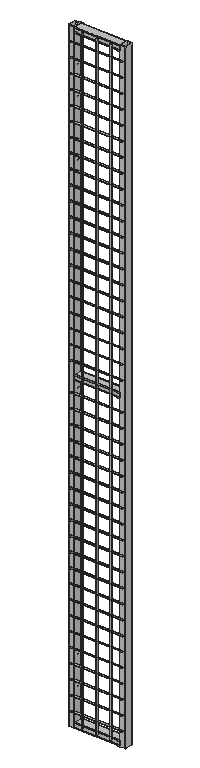
Revit family "conv_troax_wall_separator_ux550", category Möbel, Revit 2017
Family settings
  OmniClass-Nummer = 23.25.40.00
  OmniClass-Titel = Space Division Products
  Arbeitsebenenbasiert = Nein
  Immer vertikal = Ja
  Beim Laden mit Abzugskörper schneiden = Nein
  Gemeinsam genutzt = Nein
  Raumberechnungspunkt = Nein
Parameters (values of type "Mesh panel UX550 200mm")
  WarrantyStartDate [instance] = "n/a"
  WarrantyGuarantorParts = "n/a"
  WarrantyGuarantorLabor = "n/a"
  WarrantyDurationUnit = "Year"
  WarrantyDurationParts = "n/a"
  WarrantyDurationLabor = "n/a"
  WarrantyDescription = "n/a"
  WallType = ux550 200 : ux550 200
  WallPanelMainMaterial = Steel, Carbon
  VersionDate = "12/11/2018"  # constant formula
  Version = "1"  # constant formula
  Uniclass2015Reference = "Pr_25_71_57_60"
  Uniclass2015Description = "Partition panels"
  Uniclass2 = "Pr_25_71_57_60"
  URL = "https://www.troax.com/en/elemente/panel-ux550"
  Type Comments = ""
  TagNumber [instance] = "n/a"
  SustainabilityPerformance = "n/a"
  Size = "34x2200x200 mm"
  Shape = "Sculptured"
  SerialNumber [instance] = "n/a"
  Revision = "n/a"
  ReplacementCost = "n/a"
  ProductInformation = "UX 550 is the most heavy-duty of our panel systems. Special profiles are used for installation to prevent even the slightest chance of prying the wall sections  apart. The system is tested and approved in-line with  pre-standard EN1627-30. Troax UX 550 is primarily  used as a front wall where extra security is needed. UX  550 is compatible with UR 350 and UX 450 for inner  walls. Troax modular mesh panel system makes it  possible to create separate storage areas in virtually  any common space. The 50x50 mesh aperture also  makes it virtually impossible for a hand to reach through the panel."
  ProductDatasheet = "https://www.troax.com/sites/all/files/files/troax_-_ux_550_pp_-_2013-07-03_0.pdf"
  NominalWidth = 200 mm
  NominalHeight = 2200 mm
  NominalDepth = 34 mm
  Name = "Wall_Separator_UX550_200"
  NBSReference = "45-35-80/420"
  NBSDescription = "Panel partitions"
  ModelReference = "n/a"
  ModelNumber = "n/a"
  Material = "Carbon steel"
  ManufacturerURL = "https://www.troax.com/gb"
  ManufacturerName = "Troax"
  Modell = "Mesh panel UR550 200mm"
  Hersteller = "Troax"
  MainColor = "Grey"
  InstallationDate [instance] = "n/a"
  IfcExportType = "FENCE"  # constant formula
  IfcExportAs = "IfcSystemFurnitureElementTypePanel"  # constant formula
  HasOpening = yes
  Grade = "n/a"
  FurniturePanelType = "Other"  # constant formula
  Finish = "Powder coated as standard with a grey RAL 7037 finish; however other RAL colors are available upon request, panels can also be supplied hot dip galvanized for external use or in cold storage areas."
  Features = "Mesh panels can be modified on-site to fit any space, providing security where required."
  ExpectedLife = "n/a"
  DurationUnit = "Year"
  Beschreibung = "UX 550 is the most heavy-duty of our panel systems. Special profiles are used for installation to prevent even the slightest chance of prying the wall sections  apart. The system is tested and approved in-line with  pre-standard EN1627-30. Troax UX 550 is primarily  used as a front wall where extra security is needed. UX  550 is compatible with UR 350 and UX 450 for inner  walls. Troax modular mesh panel system makes it  possible to create separate storage areas in virtually  any common space. The 50x50 mesh aperture also  makes it virtually impossible for a hand to reach through the panel"
  Kosten = 0
  ConvergoRefNr = "0054-1811-0024-SE"
  Constituents = "Cut profile: various length to use after cut height on site; End profile UR/UX L=2200 to use after cut panel length on site; U-profile UX 30x20x2200 various length to use after cut on site"
  Color = "Grey"
  CodePerformance = "n/a"
  Barcode [instance] = "n/a"
  AssetIdentifier [instance] = "n/a"
  Category = "Mesh partitions"
  Brand = "Troax"
  Author = "Convergo AB"  # constant formula
  AssetType = "Fixed"
  AccessibilityPerformance = "n/a"
Types (9, lengths in mm): name | WallType | URL | Size | ProductInformation | ProductDatasheet | NominalWidth | Name | Modell | ConvergoRefNr
  (no name) | ux550 200 : ux550 200 | "https://www.troax.com/en/elemente/panel-ux550" | "34x2200x200 mm" | "UX 550 is the most heavy-duty of our panel systems. Special profiles are used for installation to prevent even the slightest chance of prying the wall sections  apart. The system is tested and approved in-line with  pre-standard EN1627-30. Troax UX 550 is primarily  used as a front wall where extra security is needed. UX  550 is compatible with UR 350 and UX 450 for inner  walls. Troax modular mesh panel system makes it  possible to create separate storage areas in virtually  any common space. The 50x50 mesh aperture also  makes it virtually impossible for a hand to reach through the panel." | "https://www.troax.com/sites/all/files/files/troax_-_ux_550_pp_-_2013-07-03_0.pdf" | 200 | "Wall_Separator_UX550_200" | "Mesh panel UR550 200mm" | "0054-1811-0024-SE"
  Mesh panel UX550 200mm | ux550 200 : ux550 200 | "https://www.troax.com/en/elemente/panel-ux550" | "34x2200x200 mm" | "UX 550 is the most heavy-duty of our panel systems. Special profiles are used for installation to prevent even the slightest chance of prying the wall sections  apart. The system is tested and approved in-line with  pre-standard EN1627-30. Troax UX 550 is primarily  used as a front wall where extra security is needed. UX  550 is compatible with UR 350 and UX 450 for inner  walls. Troax modular mesh panel system makes it  possible to create separate storage areas in virtually  any common space. The 50x50 mesh aperture also  makes it virtually impossible for a hand to reach through the panel." | "https://www.troax.com/sites/all/files/files/troax_-_ux_550_pp_-_2013-07-03_0.pdf" | 200 | "Wall_Separator_UX550_200" | "Mesh panel UR550 200mm" | "0054-1811-0024-SE"
  Mesh panel UX550 300mm | ux550 300 : ux550 300 | "https://www.troax.com/en/elemente/panel-ux550" | "34x2200x300 mm" | "UX 550 is the most heavy-duty of our panel systems. Special profiles are used for installation to prevent even the slightest chance of prying the wall sections apart. The system is tested and approved in-line with pre-standard EN1627-30. Troax UX 550 is primarily used as a front wall where extra security is needed. UX 550 is compatible with UR 350 and UX 450 for inner walls. Troax modular mesh panel system makes it possible to create separate storage areas in virtually any common space. The 50x50 mesh aperture also makes it virtually impossible for a hand to reach through the panel." | "https://www.troax.com/sites/all/files/files/troax_-_ux_550_pp_-_2013-07-03_0.pdfhttps://www.troax.com/sites/all/files/files/troax_-_ux_550_pp_-_2013-07-03_0.pdf" | 300 | "Wall_Separator_UX550_300" | "Mesh panel UX550 300mm" | "0054-1811-0025-SE"
  Mesh panel UX550 700mm | ux550 700 : ux550 700 | "https://www.troax.com/en/elemente/panel-ux550" | "34x2200x700 mm" | "UX 550 is the most heavy-duty of our panel systems. Special profiles are used for installation to prevent even the slightest chance of prying the wall sections apart. The system is tested and approved in-line with pre-standard EN1627-30. Troax UX 550 is primarily used as a front wall where extra security is needed. UX 550 is compatible with UR 350 and UX 450 for inner walls. Troax modular mesh panel system makes it possible to create separate storage areas in virtually any common space. The 50x50 mesh aperture also makes it virtually impossible for a hand to reach through the panel." | "https://www.troax.com/sites/all/files/files/troax_-_ux_550_pp_-_2013-07-03_0.pdf" | 700 | "Wall_Separator_UX550_700" | "Mesh panel UX550 700mm" | "0054-1811-0027-SE"
  Mesh panel UX550 500mm | ux550 500 : ux550 500 | "https://www.troax.com/en/elemente/panel-ux550" | "35x2200x500 mm" | "UX 550 is the most heavy-duty of our panel systems. Special profiles are used for installation to prevent even the slightest chance of prying the wall sections apart. The system is tested and approved in-line with pre-standard EN1627-30. Troax UX 550 is primarily used as a front wall where extra security is needed. UX 550 is compatible with UR 350 and UX 450 for inner walls. Troax modular mesh panel system makes it possible to create separate storage areas in virtually any common space. The 50x50 mesh aperture also makes it virtually impossible for a hand to reach through the panel." | "https://www.troax.com/sites/all/files/files/troax_-_ux_550_pp_-_2013-07-03_0.pdf" | 500 | "Wall_Separator_UX550_500" | "Mesh panel UX550 500mm" | "0054-1811-0026-SE"
  Mesh panel UX550 1000mm | ux550 1000 : ux550 1000 | "https://www.troax.com/en/elemente/panel-ux550" | "34x2200x1000 mm" | "UX 550 is the most heavy-duty of our panel systems. Special profiles are used for installation to prevent even the slightest chance of prying the wall sections apart. The system is tested and approved in-line with pre-standard EN1627-30. Troax UX 550 is primarily used as a front wall where extra security is needed. UX 550 is compatible with UR 350 and UX 450 for inner walls. Troax modular mesh panel system makes it possible to create separate storage areas in virtually any common space. The 50x50 mesh aperture also makes it virtually impossible for a hand to reach through the panel." | "https://www.troax.com/sites/all/files/files/troax_-_ux_550_pp_-_2013-07-03_0.pdf" | 1000 | "Wall_Separator_UX550_1000" | "Mesh panel UX550 1000mm" | "0054-1811-0029-SE"
  Mesh panel UX550 1200mm | ux550 1200 : ux550 1200 | "https://www.troax.com/en/elemente/panel-ux550" | "34x2200x1200 mm" | "UX 550 is the most heavy-duty of our panel systems. Special profiles are used for installation to prevent even the slightest chance of prying the wall sections apart. The system is tested and approved in-line with pre-standard EN1627-30. Troax UX 550 is primarily used as a front wall where extra security is needed. UX 550 is compatible with UR 350 and UX 450 for inner walls. Troax modular mesh panel system makes it possible to create separate storage areas in virtually any common space. The 50x50 mesh aperture also makes it virtually impossible for a hand to reach through the panel." | "https://www.troax.com/sites/all/files/files/troax_-_ux_550_pp_-_2013-07-03_0.pdf" | 1200 | "Wall_Separator_UX550_1200" | "Mesh panel UX550 1200mm" | "0054-1811-0030-SE"
  Mesh panel UX550 1500mm | ux550 1500 : ux550 1500 | "https://www.troax.com/en/elemente/panel-ux550https://www.troax.com/en/elemente/panel-ux550" | "34x2200x1500 mm" | "UX 550 is the most heavy-duty of our panel systems. Special profiles are used for installation to prevent even the slightest chance of prying the wall sections apart. The system is tested and approved in-line with pre-standard EN1627-30. Troax UX 550 is primarily used as a front wall where extra security is needed. UX 550 is compatible with UR 350 and UX 450 for inner walls. Troax modular mesh panel system makes it possible to create separate storage areas in virtually any common space. The 50x50 mesh aperture also makes it virtually impossible for a hand to reach through the panel." | "https://www.troax.com/sites/all/files/files/troax_-_ux_550_pp_-_2013-07-03_0.pdfhttps://www.troax.com/sites/all/files/files/troax_-_ux_550_pp_-_2013-07-03_0.pdf" | 1500 | "Wall_Separator_UX550_1500" | "Mesh panel UX550 1500mm" | "0054-1811-0031-SE"
  Mesh panel UX550 800mm | ux550 800 : ux550 800 | "https://www.troax.com/en/elemente/panel-ux550" | "34x2200x800 mm" | "UX 550 is the most heavy-duty of our panel systems. Special profiles are used for installation to prevent even the slightest chance of prying the wall sections apart. The system is tested and approved in-line with pre-standard EN1627-30. Troax UX 550 is primarily used as a front wall where extra security is needed. UX 550 is compatible with UR 350 and UX 450 for inner walls. Troax modular mesh panel system makes it possible to create separate storage areas in virtually any common space. The 50x50 mesh aperture also makes it virtually impossible for a hand to reach through the panel." | "https://www.troax.com/sites/all/files/files/troax_-_ux_550_pp_-_2013-07-03_0.pdfhttps://www.troax.com/sites/all/files/files/troax_-_ux_550_pp_-_2013-07-03_0.pdf" | 800 | "Wall_Separator_UX550_800" | "Caelum mesh panel UX550 800mm" | "0054-1811-0028-SE"
Reference planes
  plane 1 "Center (Front/Back)": y = 0
  plane 2: z = 0
  plane 3 "Center (Left/Right)": x = 0
  plane 4: x = -100
  plane 5: x = 100
  plane 6: z = 2200
  plane 7: y = 17
  plane 8: y = -17
Dimensions and locks
  equal spacing: plane 4, plane 3 "Center (Left/Right)", plane 5
  "NominalWidth": plane 4 to plane 5
  "NominalHeight": plane 6 to level
  equal spacing: plane 7, plane 1 "Center (Front/Back)", plane 8
  "NominalDepth": plane 7 to plane 8
  aligned and locked: level to plane 2
Nested families
  nested 1: "ux550 200" at (0, 0, 0), type <- "WallType", MeshMaterial <- "WallPanelMainMaterial", type "ux550 200"
    with MeshMaterial Steel, Carbon
Definition of nested family "ux550 200"
  Parameters (values of type "ux550 200")
    MeshMaterial [instance] = none
  Reference planes
    plane 1 "Center (Front/Back)": y = 0
    plane 2: z = 0
    plane 3 "Center (Left/Right)": x = 0
    plane 4: x = 100
    plane 5: x = -100
    plane 6: y = 17
    plane 7: y = -17
    plane 8: z = 2200
  Forms (mm)
    Extrusion 1, solid, material <- "MeshMaterial", detail levels medium+fine
      sketch origin (0, 6.95, 0) x (1, 0, 0) y (0, 1, 0)
        loop
          circle (-50, -21.45) r 2.5
        loop
          circle (0, -21.45) r 2.5
        loop
          circle (50, -21.45) r 2.5
      from 10 to 2190
    Extrusion 2, solid, material <- "MeshMaterial", detail levels medium+fine
      sketch origin (0, 7, 0) x (0, 1, 0) y (0, 0, 1)
        loop
          arc (-21, 2150) -> (-16.919, 2148.064) -> (-18, 2152.449) r 2.5
          arc (-18, 2152.449) -> (-20.081, 2151.936) -> (-21, 2150) r 2.5
        loop
          arc (-21, 2100) -> (-16.919, 2098.063) -> (-18, 2102.449) r 2.5
          arc (-18, 2102.449) -> (-20.081, 2101.936) -> (-21, 2100) r 2.5
        loop
          arc (-21, 2050) -> (-16.919, 2048.063) -> (-18, 2052.449) r 2.5
          arc (-18, 2052.449) -> (-20.081, 2051.936) -> (-21, 2050) r 2.5
        loop
          arc (-21, 2000) -> (-16.919, 1998.063) -> (-18, 2002.449) r 2.5
          arc (-18, 2002.449) -> (-20.081, 2001.936) -> (-21, 2000) r 2.5
        loop
          arc (-21, 1950) -> (-16.919, 1948.063) -> (-18, 1952.449) r 2.5
          arc (-18, 1952.449) -> (-20.081, 1951.936) -> (-21, 1950) r 2.5
        loop
          arc (-21, 1900) -> (-16.919, 1898.063) -> (-18, 1902.449) r 2.5
          arc (-18, 1902.449) -> (-20.081, 1901.936) -> (-21, 1900) r 2.5
        loop
          arc (-21, 1850) -> (-16.919, 1848.063) -> (-18, 1852.449) r 2.5
          arc (-18, 1852.449) -> (-20.081, 1851.936) -> (-21, 1850) r 2.5
        loop
          arc (-21, 1800) -> (-16.919, 1798.063) -> (-18, 1802.449) r 2.5
          arc (-18, 1802.449) -> (-20.081, 1801.936) -> (-21, 1800) r 2.5
        loop
          arc (-21, 1750) -> (-16.919, 1748.063) -> (-18, 1752.449) r 2.5
          arc (-18, 1752.449) -> (-20.081, 1751.936) -> (-21, 1750) r 2.5
        loop
          arc (-21, 1700) -> (-16.919, 1698.063) -> (-18, 1702.449) r 2.5
          arc (-18, 1702.449) -> (-20.081, 1701.936) -> (-21, 1700) r 2.5
        loop
          arc (-21, 1650) -> (-16.919, 1648.063) -> (-18, 1652.449) r 2.5
          arc (-18, 1652.449) -> (-20.081, 1651.936) -> (-21, 1650) r 2.5
        loop
          arc (-21, 1600) -> (-16.919, 1598.063) -> (-18, 1602.449) r 2.5
          arc (-18, 1602.449) -> (-20.081, 1601.936) -> (-21, 1600) r 2.5
        loop
          arc (-21, 1550) -> (-16.919, 1548.063) -> (-18, 1552.449) r 2.5
          arc (-18, 1552.449) -> (-20.081, 1551.936) -> (-21, 1550) r 2.5
        loop
          arc (-21, 1500) -> (-16.919, 1498.063) -> (-18, 1502.449) r 2.5
          arc (-18, 1502.449) -> (-20.081, 1501.936) -> (-21, 1500) r 2.5
        loop
          arc (-21, 1450) -> (-16.919, 1448.063) -> (-18, 1452.449) r 2.5
          arc (-18, 1452.449) -> (-20.081, 1451.936) -> (-21, 1450) r 2.5
        loop
          arc (-21, 1400) -> (-16.919, 1398.063) -> (-18, 1402.449) r 2.5
          arc (-18, 1402.449) -> (-20.081, 1401.936) -> (-21, 1400) r 2.5
        loop
          arc (-21, 1350) -> (-16.919, 1348.063) -> (-18, 1352.449) r 2.5
          arc (-18, 1352.449) -> (-20.081, 1351.936) -> (-21, 1350) r 2.5
        loop
          arc (-21, 1300) -> (-16.919, 1298.063) -> (-18, 1302.449) r 2.5
          arc (-18, 1302.449) -> (-20.081, 1301.936) -> (-21, 1300) r 2.5
        loop
          arc (-21, 1250) -> (-16.919, 1248.063) -> (-18, 1252.449) r 2.5
          arc (-18, 1252.449) -> (-20.081, 1251.936) -> (-21, 1250) r 2.5
        loop
          arc (-21, 1200) -> (-16.919, 1198.063) -> (-18, 1202.449) r 2.5
          arc (-18, 1202.449) -> (-20.081, 1201.936) -> (-21, 1200) r 2.5
        loop
          arc (-21, 1150) -> (-16.919, 1148.063) -> (-18, 1152.449) r 2.5
          arc (-18, 1152.449) -> (-20.081, 1151.936) -> (-21, 1150) r 2.5
        loop
          arc (-21, 1050) -> (-16.919, 1048.063) -> (-18, 1052.449) r 2.5
          arc (-18, 1052.449) -> (-20.081, 1051.936) -> (-21, 1050) r 2.5
        loop
          arc (-21, 1000) -> (-16.919, 998.063) -> (-18, 1002.449) r 2.5
          arc (-18, 1002.449) -> (-20.081, 1001.936) -> (-21, 1000) r 2.5
        loop
          arc (-21, 950) -> (-16.919, 948.063) -> (-18, 952.449) r 2.5
          arc (-18, 952.449) -> (-20.081, 951.936) -> (-21, 950) r 2.5
        loop
          arc (-21, 900) -> (-16.919, 898.063) -> (-18, 902.449) r 2.5
          arc (-18, 902.449) -> (-20.081, 901.936) -> (-21, 900) r 2.5
        loop
          arc (-21, 850) -> (-16.919, 848.063) -> (-18, 852.449) r 2.5
          arc (-18, 852.449) -> (-20.081, 851.936) -> (-21, 850) r 2.5
        loop
          arc (-21, 800) -> (-16.919, 798.063) -> (-18, 802.449) r 2.5
          arc (-18, 802.449) -> (-20.081, 801.936) -> (-21, 800) r 2.5
        loop
          arc (-21, 750) -> (-16.919, 748.063) -> (-18, 752.449) r 2.5
          arc (-18, 752.449) -> (-20.081, 751.936) -> (-21, 750) r 2.5
        loop
          arc (-21, 700) -> (-16.919, 698.063) -> (-18, 702.449) r 2.5
          arc (-18, 702.449) -> (-20.081, 701.936) -> (-21, 700) r 2.5
        loop
          arc (-21, 650) -> (-16.919, 648.063) -> (-18, 652.449) r 2.5
          arc (-18, 652.449) -> (-20.081, 651.936) -> (-21, 650) r 2.5
        loop
          arc (-21, 600) -> (-16.919, 598.063) -> (-18, 602.449) r 2.5
          arc (-18, 602.449) -> (-20.081, 601.936) -> (-21, 600) r 2.5
        loop
          arc (-21, 550) -> (-16.919, 548.063) -> (-18, 552.449) r 2.5
          arc (-18, 552.449) -> (-20.081, 551.936) -> (-21, 550) r 2.5
        loop
          arc (-21, 500) -> (-16.919, 498.063) -> (-18, 502.449) r 2.5
          arc (-18, 502.449) -> (-20.081, 501.936) -> (-21, 500) r 2.5
        loop
          arc (-21, 450) -> (-16.919, 448.063) -> (-18, 452.449) r 2.5
          arc (-18, 452.449) -> (-20.081, 451.936) -> (-21, 450) r 2.5
        loop
          arc (-21, 400) -> (-16.919, 398.063) -> (-18, 402.449) r 2.5
          arc (-18, 402.449) -> (-20.081, 401.936) -> (-21, 400) r 2.5
        loop
          arc (-21, 350) -> (-16.919, 348.063) -> (-18, 352.449) r 2.5
          arc (-18, 352.449) -> (-20.081, 351.936) -> (-21, 350) r 2.5
        loop
          arc (-21, 300) -> (-16.919, 298.063) -> (-18, 302.449) r 2.5
          arc (-18, 302.449) -> (-20.081, 301.936) -> (-21, 300) r 2.5
        loop
          arc (-21, 250) -> (-16.919, 248.063) -> (-18, 252.449) r 2.5
          arc (-18, 252.449) -> (-20.081, 251.936) -> (-21, 250) r 2.5
        loop
          arc (-21, 200) -> (-16.919, 198.063) -> (-18, 202.449) r 2.5
          arc (-18, 202.449) -> (-20.081, 201.936) -> (-21, 200) r 2.5
        loop
          arc (-21, 150) -> (-16.919, 148.063) -> (-18, 152.449) r 2.5
          arc (-18, 152.449) -> (-20.081, 151.936) -> (-21, 150) r 2.5
        loop
          arc (-21, 100) -> (-16.919, 98.063) -> (-18, 102.449) r 2.5
          arc (-18, 102.449) -> (-20.081, 101.936) -> (-21, 100) r 2.5
        loop
          arc (-21, 50) -> (-16.919, 48.063) -> (-18, 52.449) r 2.5
          arc (-18, 52.449) -> (-20.081, 51.936) -> (-21, 50) r 2.5
      from -90 to 90
    Extrusion 3, solid, material <- "MeshMaterial", detail levels medium+fine
      sketch origin (0, 6.25, 0) x (1, 0, 0) y (0, 1, 0)
        loop
          line (-100, 9.25) -> (-100, -17.75)
          arc (-100, -17.75) -> (-99.561, -18.811) -> (-98.5, -19.25) r 1.5
          line (-98.5, -19.25) -> (-81.5, -19.25)
          arc (-81.5, -19.25) -> (-80.439, -18.811) -> (-80, -17.75) r 1.5
          line (-80, -17.75) -> (-80, 9.25)
          arc (-80, 9.25) -> (-80.439, 10.311) -> (-81.5, 10.75) r 1.5
          line (-81.5, 10.75) -> (-98.5, 10.75)
          arc (-98.5, 10.75) -> (-99.561, 10.311) -> (-100, 9.25) r 1.5
        loop
          line (-81.5, 9.25) -> (-98.5, 9.25) -> (-98.5, -17.75) -> (-81.5, -17.75) -> (-81.5, 9.25)
      from 0 to 2200
    Extrusion 4, solid, material <- "MeshMaterial", detail levels medium+fine
      sketch origin (0, 6.25, 0) x (0, 1, 0) y (0, 0, 1)
        loop
          line (9.45, 2200) -> (-18.037, 2200)
          arc (-18.037, 2200) -> (-19.25, 2198.25) -> (-18.037, 2196.5) r 1.869
          line (-18.037, 2196.5) -> (-18.037, 2184.5)
          arc (-18.037, 2184.5) -> (-19.238, 2182.75) -> (-18.037, 2181) r 1.875
          line (-18.037, 2181) -> (9.45, 2181)
          arc (9.45, 2181) -> (10.369, 2181.381) -> (10.75, 2182.3) r 1.3
          line (10.75, 2182.3) -> (10.75, 2198.7)
          arc (10.75, 2198.7) -> (10.369, 2199.619) -> (9.45, 2200) r 1.3
        loop
          line (8.75, 2183) -> (8.75, 2198) -> (-16.037, 2198) -> (-16.037, 2183) -> (8.75, 2183)
      from -80 to 80
    Extrusion 5, solid, material <- "MeshMaterial", detail levels medium+fine
      sketch origin (0, 6.25, -2181) x (0, 1, 0) y (0, 0, 1)
        loop
          line (9.45, 2200) -> (-18.05, 2200)
          arc (-18.05, 2200) -> (-19.263, 2198.25) -> (-18.05, 2196.5) r 1.869
          line (-18.05, 2196.5) -> (-18.05, 2184.5)
          arc (-18.05, 2184.5) -> (-19.251, 2182.75) -> (-18.05, 2181) r 1.875
          line (-18.05, 2181) -> (9.45, 2181)
          arc (9.45, 2181) -> (10.369, 2181.381) -> (10.75, 2182.3) r 1.3
          line (10.75, 2182.3) -> (10.75, 2198.7)
          arc (10.75, 2198.7) -> (10.369, 2199.619) -> (9.45, 2200) r 1.3
        loop
          line (8.75, 2183) -> (8.75, 2198) -> (-16.05, 2198) -> (-16.05, 2183) -> (8.75, 2183)
      from -80 to 80
    Extrusion 6, void
      sketch origin (0, 6.25, 0) x (0, 1, 0) y (0, 0, 1)
        loop
          circle (-4.25, 2075) r 5
        loop
          circle (-4.25, 1975) r 5
        loop
          circle (-4.25, 1140) r 5
        loop
          circle (-4.25, 1060.545) r 5
        loop
          circle (-4.25, 225) r 5
        loop
          circle (-4.25, 125) r 5
        loop
          circle (-4.25, 1775) r 5
      from -2443.968 to 2106.031
    Extrusion 7, solid, material <- "MeshMaterial", detail levels coarse
      sketch origin (0, 0, 0) x (1, 0, 0) y (0, 1, 0)
        loop
          line (-100, -17) -> (100, -17) -> (100, 17) -> (-100, 17) -> (-100, -17)
      from 0 to 2200
    Extrusion 8, solid, material <- "MeshMaterial", detail levels medium+fine
      sketch origin (0, 6.25, -1090.5) x (0, 1, 0) y (0, 0, 1)
        loop
          line (9.45, 2200) -> (-18.05, 2200)
          arc (-18.05, 2200) -> (-19.263, 2198.25) -> (-18.05, 2196.5) r 1.869
          line (-18.05, 2196.5) -> (-18.05, 2184.5)
          arc (-18.05, 2184.5) -> (-19.251, 2182.75) -> (-18.05, 2181) r 1.875
          line (-18.05, 2181) -> (9.45, 2181)
          arc (9.45, 2181) -> (10.369, 2181.381) -> (10.75, 2182.3) r 1.3
          line (10.75, 2182.3) -> (10.75, 2198.7)
          arc (10.75, 2198.7) -> (10.369, 2199.619) -> (9.45, 2200) r 1.3
        loop
          line (8.75, 2183) -> (8.75, 2198) -> (-16.05, 2198) -> (-16.05, 2183) -> (8.75, 2183)
      from -80 to 80
    Extrusion 9, solid, material <- "MeshMaterial", detail levels medium+fine
      sketch origin (0, 6.25, 0) x (-1, 0, 0) y (0, -1, 0)
        loop
          arc (-100, -9.25) -> (-99.561, -10.311) -> (-98.5, -10.75) r 1.5
          line (-98.5, -10.75) -> (-81.5, -10.75)
          arc (-81.5, -10.75) -> (-80.439, -10.311) -> (-80, -9.25) r 1.5
          line (-80, -9.25) -> (-80, 17.75)
          arc (-80, 17.75) -> (-80.439, 18.811) -> (-81.5, 19.25) r 1.5
          line (-81.5, 19.25) -> (-98.5, 19.25)
          arc (-98.5, 19.25) -> (-99.561, 18.811) -> (-100, 17.75) r 1.5
          line (-100, 17.75) -> (-100, -9.25)
        loop
          line (-81.5, -9.25) -> (-81.5, 17.75) -> (-98.5, 17.75) -> (-98.5, -9.25) -> (-81.5, -9.25)
      from 0 to 2200
  Cuts and joins
    Extrusion 6 cuts Extrusion 3
  Lines and regions (mm)
    symbolic lines, detail levels medium+fine
      curve 1: line (0, 17, 2200) -> (0, 17, 0)
      curve 2: line (0, 17, 0) -> (0, -12.999, 0)
      curve 3: line (0, -12.999, 0) -> (0, -12.999, 10)
      curve 4: line (0, -12.999, 10) -> (0, -17, 10)
      curve 5: line (0, -17, 10) -> (0, -17, 2190)
      curve 6: line (0, -17, 2190) -> (0, -12.999, 2190)
      curve 7: line (0, -12.999, 2190) -> (0, -12.999, 2200)
      curve 8: line (0, -12.999, 2200) -> (0, 17, 2200)
      curve 22: line (-100, 0, 2200) -> (100, 0, 2200)
      curve 23: line (-100, 0, 0) -> (-100, 0, 2200)
      curve 24: line (100, 0, 0) -> (-100, 0, 0)
      curve 25: line (100, 0, 2200) -> (100, 0, 0)
    symbolic lines, detail levels fine
      curve 9: line (0, -12.999, 2190) -> (0, -12.999, 10)
      curve 10: arc (0, 7, 2075) -> (0, 2, 2080) -> (0, -3, 2075) r 5
      curve 11: arc (0, -3, 2075) -> (0, 2, 2070) -> (0, 7, 2075) r 5
      curve 12: arc (0, 7, 1975) -> (0, 2, 1980) -> (0, -3, 1975) r 5
      curve 13: arc (0, -3, 1975) -> (0, 2, 1970) -> (0, 7, 1975) r 5
      curve 14: arc (0, 7, 1140) -> (0, 2, 1145) -> (0, -3, 1140) r 5
      curve 15: arc (0, -3, 1140) -> (0, 2, 1135) -> (0, 7, 1140) r 5
      curve 16: arc (0, -3, 1060.545) -> (0, 2, 1055.545) -> (0, 7, 1060.545) r 5
      curve 17: arc (0, 7, 1060.545) -> (0, 2, 1065.545) -> (0, -3, 1060.545) r 5
      curve 18: arc (0, 7, 225) -> (0, 2, 230) -> (0, -3, 225) r 5
      curve 19: arc (0, -3, 225) -> (0, 2, 220) -> (0, 7, 225) r 5
      curve 20: arc (0, 7, 125) -> (0, 2, 130) -> (0, -3, 125) r 5
      curve 21: arc (0, -3, 125) -> (0, 2, 120) -> (0, 7, 125) r 5
      curve 26: line (-80, 0, 3.5) -> (80, 0, 3.5)
      curve 27: line (-80, 0, 19) -> (80, 0, 19)
      curve 28: line (-80, 0, 15.5) -> (80, 0, 15.5)
      curve 29: line (-80, 0, 2200) -> (-80, 0, 0)
      curve 30: line (-80, 0, 2196.5) -> (80, 0, 2196.5)
      curve 31: line (-80, 0, 2181) -> (-50, 0, 2181)
      curve 32: line (-80, 0, 2184.5) -> (-50, 0, 2184.5)
      curve 33: line (-100, 15.5, 0) -> (-100, -11.5, 0)
      curve 34: arc (-98.5, 17, 0) -> (-99.561, 16.561, 0) -> (-100, 15.5, 0) r 1.5
      curve 35: line (-81.5, 17, 0) -> (-98.5, 17, 0)
      curve 36: line (-80, 15.7, 0) -> (-80, 17, 0)
      curve 37: arc (-100, -11.5, 0) -> (-99.561, -12.561, 0) -> (-98.5, -13, 0) r 1.5
      curve 38: line (-98.5, -13, 0) -> (-90, -13, 0)
      curve 39: line (-80, 17, 0) -> (80, 17, 0)
      curve 40: line (-98.5, -11.5, 0) -> (-98.5, 15.5, 0)
      curve 41: line (-98.5, 15.5, 0) -> (-81.5, 15.5, 0)
      curve 42: line (-81.5, 15.5, 0) -> (-81.5, -11.5, 0)
      curve 43: line (-81.5, -11.5, 0) -> (-98.5, -11.5, 0)
      curve 44: line (-90, -13, 0) -> (-81.503, -13, 0)
      curve 45: line (-80, -11.497, 0) -> (-80, 15.7, 0)
      curve 46: line (48.75, 0, 2184.5) -> (80, 0, 2184.5)
      curve 47: line (48.75, 0, 2181) -> (80, 0, 2181)
      curve 48: line (80, 0, 2200) -> (80, 0, 0)
      curve 49: line (-50, 0, 2181) -> (1.25, 0, 2181)
      curve 50: line (-50, 0, 2184.5) -> (1.25, 0, 2184.5)
      curve 51: line (1.25, 0, 2181) -> (48.75, 0, 2181)
      curve 52: line (1.25, 0, 2184.5) -> (48.75, 0, 2184.5)
      curve 53: line (-90, -13, 0) -> (-90, -14.008, 0)
      curve 54: line (-90, -11.5, 0) -> (-90, -8.969, 0)
      curve 55: line (-80, -13, 0) -> (80, -13, 0)
      curve 56: line (-80, -11.497, 0) -> (-80, -13, 0)
      curve 60: line (-50, 0, 10) -> (-50, 0, 2190)
      curve 61: line (0, 0, 10) -> (0, 0, 2190)
      curve 62: line (50, 0, 10) -> (50, 0, 2190)
      curve 63: line (-90, 0, 2150) -> (90, 0, 2150)
      curve 64: line (-90, 0, 2100) -> (90, 0, 2100)
      curve 65: line (-90, 0, 2050) -> (90, 0, 2050)
      curve 66: line (-90, 0, 2000) -> (90, 0, 2000)
      curve 67: line (-90, 0, 1950) -> (90, 0, 1950)
      curve 68: line (-90, 0, 1900) -> (90, 0, 1900)
      curve 69: line (-90, 0, 1850) -> (90, 0, 1850)
      curve 70: line (-90, 0, 1800) -> (90, 0, 1800)
      curve 71: line (-90, 0, 1750) -> (90, 0, 1750)
      curve 72: line (-90, 0, 1700) -> (90, 0, 1700)
      curve 73: line (-90, 0, 1650) -> (90, 0, 1650)
      curve 74: line (-90, 0, 1600) -> (90, 0, 1600)
      curve 75: line (-90, 0, 1550) -> (90, 0, 1550)
      curve 76: line (-90, 0, 1500) -> (90, 0, 1500)
      curve 77: line (-90, 0, 1450) -> (90, 0, 1450)
      curve 78: line (-90, 0, 1400) -> (90, 0, 1400)
      curve 79: line (-90, 0, 1350) -> (90, 0, 1350)
      curve 80: line (-90, 0, 1300) -> (90, 0, 1300)
      curve 81: line (-90, 0, 1250) -> (90, 0, 1250)
      curve 82: line (-90, 0, 1200) -> (90, 0, 1200)
      curve 83: line (-90, 0, 1150) -> (90, 0, 1150)
      curve 84: line (-90, 0, 1050) -> (90, 0, 1050)
      curve 85: line (-90, 0, 1000) -> (90, 0, 1000)
      curve 86: line (-90, 0, 950) -> (90, 0, 950)
      curve 87: line (-90, 0, 900) -> (90, 0, 900)
      curve 88: line (-90, 0, 850) -> (90, 0, 850)
      curve 89: line (-90, 0, 800) -> (90, 0, 800)
      curve 90: line (-90, 0, 750) -> (90, 0, 750)
      curve 91: line (-90, 0, 700) -> (90, 0, 700)
      curve 92: line (-90, 0, 650) -> (90, 0, 650)
      curve 93: line (-90, 0, 600) -> (90, 0, 600)
      curve 94: line (-90, 0, 550) -> (90, 0, 550)
      curve 95: line (-90, 0, 500) -> (90, 0, 500)
      curve 96: line (-90, 0, 450) -> (90, 0, 450)
      curve 97: line (-90, 0, 400) -> (90, 0, 400)
      curve 98: line (-90, 0, 350) -> (90, 0, 350)
      curve 99: line (-90, 0, 300) -> (90, 0, 300)
      curve 100: line (-90, 0, 250) -> (90, 0, 250)
      curve 101: line (-90, 0, 200) -> (90, 0, 200)
      curve 102: line (-90, 0, 150) -> (90, 0, 150)
      curve 103: line (-90, 0, 100) -> (90, 0, 100)
      curve 104: line (-90, 0, 50) -> (90, 0, 50)
      curve 105: line (-80, 0, 1094) -> (80, 0, 1094)
      curve 106: line (-80, 0, 1109.5) -> (80, 0, 1109.5)
      curve 107: line (-80, 0, 1106) -> (80, 0, 1106)
      curve 108: line (-80, 0, 1090.5) -> (80, 0, 1090.5)
      curve 109: arc (-81.503, -13, 0) -> (-80.44, -12.56, 0) -> (-80, -11.497, 0) r 1.503
      curve 110: arc (-80, 15.7, 0) -> (-80.504, 16.634, 0) -> (-81.5, 17, 0) r 1.5
      curve 111: line (100, 15.5, 0) -> (100, -11.5, 0)
      curve 112: arc (98.5, 17, 0) -> (99.561, 16.561, 0) -> (100, 15.5, 0) r 1.5
      curve 113: line (81.5, 17, 0) -> (98.5, 17, 0)
      curve 114: line (80, 15.7, 0) -> (80, 17, 0)
      curve 115: arc (100, -11.5, 0) -> (99.561, -12.561, 0) -> (98.5, -13, 0) r 1.5
      curve 116: line (98.5, -13, 0) -> (90, -13, 0)
      curve 117: line (98.5, -11.5, 0) -> (98.5, 15.5, 0)
      curve 118: line (98.5, 15.5, 0) -> (81.5, 15.5, 0)
      curve 119: line (81.5, 15.5, 0) -> (81.5, -11.5, 0)
      curve 120: line (81.5, -11.5, 0) -> (98.5, -11.5, 0)
      curve 121: line (90, -13, 0) -> (81.503, -13, 0)
      curve 122: line (80, -11.497, 0) -> (80, 15.7, 0)
      curve 123: line (90, -13, 0) -> (90, -14.02, 0)
      curve 124: line (90, -11.5, 0) -> (90, -8.969, 0)
      curve 125: line (80, -11.497, 0) -> (80, -13, 0)
      curve 127: arc (81.503, -13, 0) -> (80.44, -12.56, 0) -> (80, -11.497, 0) r 1.503
      curve 128: arc (80, 15.7, 0) -> (80.504, 16.634, 0) -> (81.5, 17, 0) r 1.5
      curve 129: arc (-52, -13, 0) -> (-50, -17, 0) -> (-48, -13, 0) r 2.5
      curve 130: line (-90, -14.008, 0) -> (-52.451, -14.008, 0)
      curve 131: arc (-2, -13, 0) -> (0, -17, 0) -> (2, -13, 0) r 2.5
      curve 132: arc (48, -13, 0) -> (50, -17, 0) -> (52, -13, 0) r 2.5
      curve 133: line (-47.546, -14.02, 0) -> (-2.454, -14.02, 0)
      curve 134: line (2.454, -14.02, 0) -> (47.546, -14.02, 0)
      curve 135: line (52.454, -14.02, 0) -> (90, -14.02, 0)
      curve 136: line (90, -8.969, 0) -> (81.5, -8.969, 0)
      curve 137: line (-90, -8.969, 0) -> (-81.5, -8.969, 0)
      curve 138: arc (0, -12.999, 52.001) -> (0, -14, 50) -> (0, -12.999, 47.999) r 2.5
      curve 139: arc (0, -12.999, 102.001) -> (0, -14, 100) -> (0, -12.999, 97.999) r 2.5
      curve 140: arc (0, -12.999, 152.001) -> (0, -14, 150) -> (0, -12.999, 147.999) r 2.5
      curve 141: arc (0, -12.999, 202.001) -> (0, -14, 200) -> (0, -12.999, 197.999) r 2.5
      curve 142: arc (0, -12.999, 252.001) -> (0, -14, 250) -> (0, -12.999, 247.999) r 2.5
      curve 143: arc (0, -12.999, 302.001) -> (0, -14, 300) -> (0, -12.999, 297.999) r 2.5
      curve 144: arc (0, -12.999, 352.001) -> (0, -14, 350) -> (0, -12.999, 347.999) r 2.5
      curve 145: arc (0, -12.999, 402.001) -> (0, -14, 400) -> (0, -12.999, 397.999) r 2.5
      curve 146: arc (0, -12.999, 452.001) -> (0, -14, 450) -> (0, -12.999, 447.999) r 2.5
      curve 147: arc (0, -12.999, 502.001) -> (0, -14, 500) -> (0, -12.999, 497.999) r 2.5
      curve 148: arc (0, -12.999, 552.001) -> (0, -14, 550) -> (0, -12.999, 547.999) r 2.5
      curve 149: arc (0, -12.999, 602.001) -> (0, -14, 600) -> (0, -12.999, 597.999) r 2.5
      curve 150: arc (0, -12.999, 652.001) -> (0, -14, 650) -> (0, -12.999, 647.999) r 2.5
      curve 151: arc (0, -12.999, 702.001) -> (0, -14, 700) -> (0, -12.999, 697.999) r 2.5
      curve 152: arc (0, -12.999, 752.001) -> (0, -14, 750) -> (0, -12.999, 747.999) r 2.5
      curve 153: arc (0, -12.999, 802.001) -> (0, -14, 800) -> (0, -12.999, 797.999) r 2.5
      curve 154: arc (0, -12.999, 852.001) -> (0, -14, 850) -> (0, -12.999, 847.999) r 2.5
      curve 155: arc (0, -12.999, 902.001) -> (0, -14, 900) -> (0, -12.999, 897.999) r 2.5
      curve 156: arc (0, -12.999, 952.001) -> (0, -14, 950) -> (0, -12.999, 947.999) r 2.5
      curve 157: arc (0, -12.999, 1002.001) -> (0, -14, 1000) -> (0, -12.999, 997.999) r 2.5
      curve 158: arc (0, -12.999, 1052.001) -> (0, -14, 1050) -> (0, -12.999, 1047.999) r 2.5
      curve 159: arc (0, -12.999, 1152.001) -> (0, -14, 1150) -> (0, -12.999, 1147.999) r 2.5
      curve 160: arc (0, -12.999, 1202.001) -> (0, -14, 1200) -> (0, -12.999, 1197.999) r 2.5
      curve 161: arc (0, -12.999, 1252.001) -> (0, -14, 1250) -> (0, -12.999, 1247.999) r 2.5
      curve 162: arc (0, -12.999, 1302.001) -> (0, -14, 1300) -> (0, -12.999, 1297.999) r 2.5
      curve 163: arc (0, -12.999, 1352.001) -> (0, -14, 1350) -> (0, -12.999, 1347.999) r 2.5
      curve 164: arc (0, -12.999, 1402.001) -> (0, -14, 1400) -> (0, -12.999, 1397.999) r 2.5
      curve 165: arc (0, -12.999, 1452.001) -> (0, -14, 1450) -> (0, -12.999, 1447.999) r 2.5
      curve 166: arc (0, -12.999, 1502.001) -> (0, -14, 1500) -> (0, -12.999, 1497.999) r 2.5
      curve 167: arc (0, -12.999, 1552.001) -> (0, -14, 1550) -> (0, -12.999, 1547.999) r 2.5
      curve 168: arc (0, -12.999, 1602.001) -> (0, -14, 1600) -> (0, -12.999, 1597.999) r 2.5
      curve 169: arc (0, -12.999, 1652.001) -> (0, -14, 1650) -> (0, -12.999, 1647.999) r 2.5
      curve 170: arc (0, -12.999, 1702.001) -> (0, -14, 1700) -> (0, -12.999, 1697.999) r 2.5
      curve 171: arc (0, -12.999, 1752.001) -> (0, -14, 1750) -> (0, -12.999, 1747.999) r 2.5
      curve 172: arc (0, -12.999, 1802.001) -> (0, -14, 1800) -> (0, -12.999, 1797.999) r 2.5
      curve 173: arc (0, -12.999, 1852.001) -> (0, -14, 1850) -> (0, -12.999, 1847.999) r 2.5
      curve 174: arc (0, -12.999, 1902.001) -> (0, -14, 1900) -> (0, -12.999, 1897.999) r 2.5
      curve 175: arc (0, -12.999, 1952.001) -> (0, -14, 1950) -> (0, -12.999, 1947.999) r 2.5
      curve 176: arc (0, -12.999, 2002.001) -> (0, -14, 2000) -> (0, -12.999, 1997.999) r 2.5
      curve 177: arc (0, -12.999, 2052.001) -> (0, -14, 2050) -> (0, -12.999, 2047.999) r 2.5
      curve 178: arc (0, -12.999, 2102.001) -> (0, -14, 2100) -> (0, -12.999, 2097.999) r 2.5
      curve 179: arc (0, -12.999, 2152.001) -> (0, -14, 2150) -> (0, -12.999, 2147.999) r 2.5
      curve 180: arc (0, 7, 1775) -> (0, 2, 1780) -> (0, -3, 1775) r 5
      curve 181: arc (0, -3, 1775) -> (0, 2, 1770) -> (0, 7, 1775) r 5
    symbolic lines, detail levels medium
      curve 57: line (-100, 17, 0) -> (100, 17, 0)
      curve 58: line (-100, -17, 0) -> (-100, 17, 0)
      curve 59: line (100, -17, 0) -> (-100, -17, 0)
      curve 126: line (100, -17, 0) -> (100, 17, 0)
  Dimensions and locks
    aligned and locked: level to plane 2
    aligned and locked: curve 5 to plane 7
